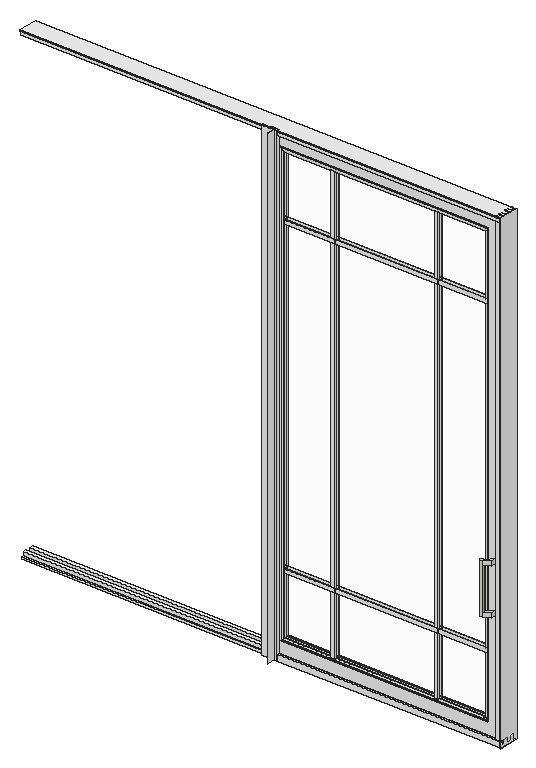
Revit family "Sliding_Glass-Pocket-PGT-Aluminum_Preferred-SGD770-Xd", category Doors, host Wall, Revit 2015
Parameters (values of type "Refer to Type Catalog")
  URL = "http://www.pgtindustries.com/"
  Type Comments = "Pocket"  # constant formula
  Track Depth = 4 55/64"  # constant formula
  Product Style Guide = "http://www.pgtindustries.com/pro-zone/architect/download?destination=node/97061"
  Product Page URL = "http://www.pgtindustries.com/product-overview/sliding-door-sgd770-winguard%C2%AE-aluminum-sliding-glass-door-clear-impact-resistant"
  Pocket Width = Glass Width + 12"  # 65 33/256"
  Plan Detail Offset = Finished Opening / 3  # 19.3776"
  Narrow Riser = yes
  Model = "SGD770 1P1T X"  # constant formula
  Minimum Panel Size = "21 1/2” x 32 5/8”"  # constant formula
  Medium Riser = no
  Maximum Panel Size = "4' x 10' OR 5' x 8'"  # constant formula
  Manufacturer = "PGT Industries"  # constant formula
  Low Riser = no
  High Riser = no
  Hardware Material = Steel AISI 4620
  Hardware Height = 36"
  Grid Type = Face_Based_Mullion_ Glass : BP9
  Grid Layout Note = "To edit the grid layout ensure the 'Grid' parameter is turned on and then select an option from the 'Grid Type' drop down.  Please refer to the 'Product Style Guide' for standard configurations and restrictions."  # constant formula
  Grid = yes
  Glass Width = Door Panel Width - 6 223/256"  # 53 33/256"
  Glass Thickness = 1"
  Function = Exterior
  Height = Door Panel Height + 1 111/128"  # 121 111/128"
  Wall Closure = By host
  Width = Finished Opening + Pocket Width  # 123 67/256"
  Flush Riser = yes
  Finished Opening = Door Panel Width - 1 111/128"  # 58 17/128"
  Finish = Metal - PGT - Paint - White
  Door Panel Width = 60"
  Door Panel Height = 120"
  Description = "Aluminum Preferred Siding Glass Door"  # constant formula
  Custom Design Note = "The types included show default grid/size configurations.  Please reference the 'Product Style Guide' to see all standard configurations and restrictions before creating custom designs.  Please contact PGT Industries with any questions regarding custom designs."  # constant formula
  Color Glass = Glass - PGT - Clear
  Box Riser = not(Narrow Riser)  # no
  Assembly Code = "B2030110"
  Analytic Construction = "<None>"
Reference planes (in)
  plane 1 "Center (Front/Back)": y = 0
  plane 2 "Center (Left/Right)": x = 9.38196
  plane 3 "Left": x = -18.29085
  plane 4 "Right": x = 39.84196
  plane 5 "Top": z = 121.86719
  plane 6 "Exterior": y = 3
  plane 7 "Interior": y = -3
  plane 8: x = 39.38196
  plane 9: z = 121.13119
  plane 10: x = -83.41976
  plane 11: x = -20.61804
  plane 12: y = -1.85937
  plane 13: y = 0.57031
  plane 14: y = 0.4668
  plane 15: y = -0.55123
  plane 16: x = -17.09714
  plane 17: x = 35.86106
  plane 18: z = 4.65208
  plane 19: z = 117.0061
  plane 20: x = 37.50696
  plane 21: y = 0.24982
  plane 22: y = -1.35228
  plane 23: z = 36
  plane 24: x = 20.00435
  plane 25: x = 18.12935
Forms (in)
  Extrusion 1, void
    sketch origin (0, 0, 0) x (1, 0, 0) y (0, 1, 0)
      loop
        line (-83.41976, 3) -> (-83.41976, -1.85937) -> (-18.29085, -1.85937) -> (-18.29085, -3) -> (39.84196, -3) -> (39.84196, 3) -> (-83.41976, 3)
    from 0 to 121.86719
  Sweep 2, solid, material "Metal - PGT - Paint - White" <- "Finish"
    path origin (-98.15385, 0.4668, 48) x (-1, 0, 0) y (0, 0, 1)
      loop
        line (-137.9958, -48) -> (-137.9958, 73.86719)
    profile "1P1T X Jamb : 1P1T XX Jamb" origin (39.84196, 0.4668, 60.93359) x (1, 0, 0) y (0, 1, 0)
      loop
        line (0, 2.53462) -> (-0.16084, 2.53462) -> (-0.16084, 2.40406) -> (-1.3602, 2.40406) -> (-1.3602, 2.32606) -> (-0.27452, 2.32606) -> (-0.27452, 1.43281) -> (-1.30945, 1.43281) -> (-1.30945, 0.60325) -> (-0.27452, 0.60325) -> (-0.27452, -0.60325) -> (-1.30945, -0.60325) -> (-1.30945, -1.43281) -> (-0.27452, -1.43281) -> (-0.27452, -2.32606) -> (-1.3602, -2.32606) -> (-1.3602, -2.40406) -> (-0.16084, -2.40406) -> (-0.16084, -2.53462) -> (0, -2.53462) -> (0, 2.53462)
  Sweep 3, solid, material "Metal - PGT - Paint - White" <- "Finish"
    path origin (-98.15385, 0.4668, 48) x (-1, 0, 0) y (0, 0, 1)
      loop
        line (-137.83496, 73.86719) -> (-14.73409, 73.86719)
    profile "1P1T X Sill : 1P1T X Sill" origin (-21.86932, 0.4668, 121.86719) x (0, 0, 1) y (0, 1, 0)
      loop
        line (0, 2.53462) -> (-0.16084, 2.53462) -> (-0.16084, 2.40406) -> (-1.21076, 2.40406) -> (-1.21076, 2.32606) -> (-0.27452, 2.32606) -> (-0.27452, 1.43281) -> (-1.17069, 1.43281) -> (-1.17069, 0.60325) -> (-0.27452, 0.60325) -> (-0.27452, -0.60325) -> (-1.17069, -0.60325) -> (-1.17069, -1.43281) -> (-0.27452, -1.43281) -> (-0.27452, -2.32606) -> (-1.21076, -2.32606) -> (-1.21076, -2.40406) -> (-0.16084, -2.40406) -> (-0.16084, -2.53462) -> (0, -2.53462) -> (0, 2.53462)
  Sweep 4, solid, material "Metal - PGT - Paint - White" <- "Finish"
    path origin (-98.15385, 0.4668, 48) x (-1, 0, 0) y (0, 0, 1)
      loop
        line (-79.86299, -48) -> (-137.9958, -48)
    profile "1P1T X Riser : 1P1T XX Jamb" origin (10.77555, 0.4668, 0) x (0, 0, -1) y (0, 1, 0)
      loop
        line (0, 1.92087) -> (-0.25746, 1.92087) -> (-0.25746, 1.43281) -> (-1.49653, 1.43281) -> (-1.49653, 0.60325) -> (-0.4801, 0.60325) -> (-0.51171, -0.60325) -> (-1.49653, -0.60325) -> (-1.49653, -1.43281) -> (-0.5332, -1.43281) -> (-0.55448, -2.25663) -> (-1.566, -2.25663) -> (-1.566, -2.488) -> (0, -2.488) -> (0, 1.92087)
  Sweep 5, solid, material "Metal - PGT - Paint - White" <- "Finish"
    path origin (-98.15385, 0.4668, 48) x (-1, 0, 0) y (0, 0, 1)
      loop
        line (-14.73409, -48) -> (-79.86299, -48)
    profile "1P1T : 1P1T XX Jamb" origin (-50.85531, 0.4668, 0) x (0, 0, -1) y (0, 1, 0)
      loop
        line (0, 1.92087) -> (-0.25746, 1.92087) -> (-0.25746, 1.43281) -> (-1.4986, 1.43281) -> (-1.4986, 0.60325) -> (-0.4801, 0.60325) -> (-0.51171, -0.60325) -> (-1.4986, -0.60325) -> (-1.4986, -1.43281) -> (-0.5332, -1.43281) -> (-0.54581, -1.92087) -> (0, -1.92087) -> (0, 1.92087)
  Sweep 6, solid, material "Metal - PGT - Paint - White" <- "Finish"
    path origin (-81.91976, -1.85937, 48) x (-1, 0, 0) y (0, 0, 1)
      loop
        line (-63.62891, -48) -> (-63.62891, 73.86719)
    profile "1P1T Center Clip : 1P1T Center Clip" origin (-18.29085, -1.85937, 60.93359) x (1, 0, 0) y (0, 1, 0)
      loop
        line (-3.10409, -0.21005) -> (0, -0.21005) -> (0, -2.21038) -> (0.06253, -2.21038) -> (0.06253, -0.21038) -> (0.69843, -0.21038) -> (0.69843, 0.41512) -> (-1.0837, 0.41512)
        arc (-1.0837, 0.41512) -> (-1.1035, 0.39684) -> (-1.08793, 0.37485) r 0.02042
        line (-1.08793, 0.37485) -> (-0.92067, 0.33497) -> (-0.2717, 0.33497) -> (-0.2717, 0.08543) -> (-3.10409, 0.08543) -> (-3.10409, -0.21005)
  Extrusion 7, void
    sketch origin (-98.15385, 0.4668, 48) x (-1, 0, 0) y (0, 0, 1)
      loop
        line (-137.83496, 73.70635) -> (-137.83496, 72.65643) -> (-136.6356, 72.65643) -> (-136.6356, 73.70635) -> (-137.83496, 73.70635)
    from -3.4668 to 2.5332
Cuts and joins
  joined: Sweep 4, Sweep 5
  Extrusion 7 cuts Sweep 2
Lines and regions (in)
  Masking region 1
    outline origin (0, 0, 0) x (1, 0, 0) y (0, 1, 0)
      loop
        line (-18.22832, -2.06975) -> (-17.59242, -2.06975) -> (-17.59242, -1.44426) -> (-19.37455, -1.44426)
        arc (-19.37455, -1.44426) -> (-19.39435, -1.46253) -> (-19.37878, -1.48453) r 0.02042
        line (-19.37878, -1.48453) -> (-19.21152, -1.5244) -> (-18.56255, -1.5244) -> (-18.56255, -1.77395) -> (-21.39494, -1.77395) -> (-21.39494, -2.06943) -> (-18.29085, -2.06943) -> (-18.29085, -4.06975) -> (-18.22832, -4.06975) -> (-18.22832, -2.06975)
  symbolic lines, detail levels medium+fine
    curve 1: line (-18.29085, -2.0212, 0) -> (39.84196, -2.0212, 0)
    curve 2: line (39.56744, -1.78983, 0) -> (-17.59242, -1.78983, 0)
    curve 3: line (-83.41976, -1.45407, 0) -> (-18.29085, -1.45407, 0)
    curve 4: line (39.84196, -1.73194, 0) -> (39.84196, -2.0212, 0)
    curve 5: line (-18.29085, -2.0212, 0) -> (-18.29085, -1.78983, 0)
Text (in)
  text "Exterior" at (-74.96733, 27.31104, 0), in view "Ref. Level"
  text "Interior" at (-74.96733, -25.14366, 0), in view "Ref. Level"
  text "Exterior" at (0, 40.15149, 123.01588), in view "Right"
  text "Interior" at (0, -64.39139, 123.01588), in view "Right"
  text "Interior" at (0, -31.01599, 123.00693), in view "Left"
  text "Exterior" at (0, 54.57065, 123.00693), in view "Left"
Dimensions and locks (in)
  "Height": level to plane 5 "Top"
  plane 3 "Left" to plane 4 "Right" = 58 17/128"
  locked: plane 8 to plane 4 "Right" at 0.46
  equal spacing: plane 11, plane 2 "Center (Left/Right)", plane 8
  "Pocket Width": plane 10 to plane 3 "Left"
  "Finished Opening": plane 3 "Left" to plane 4 "Right"
  "Door Panel Width": plane 11 to plane 8
  locked: plane 13 to plane 14 at 0.10352
  locked: plane 5 "Top" to plane 9 at 0.736
  locked: plane 13 to plane 15 at 1.12155
  locked: plane 7 "Interior" to plane 12 at 1.14062
  locked: plane 13 to plane 12 at 2.42969
  Extrusion 7 sketch curve to Extrusion 7 sketch curve to plane 4 "Right" = 1.19936" locked, 0.16084" locked
  plane 5 "Top" to Extrusion 7 sketch curve to Extrusion 7 sketch curve = 0.16084" locked, 1.04992" locked
  Extrusion 7 to Extrusion 7 to plane 4 "Right" = 1.19936" locked, 0.16084" locked
  locked: Sweep 3 sketch curve to plane 4 "Right" at 0.16084
  locked: plane 11 to plane 16 at 3.5209
  locked: plane 17 to plane 8 at 3.5209
  locked: plane 18 to level at 4.65208
  locked: plane 5 "Top" to plane 19 at 4.86109
  locked: plane 20 to plane 8 at 1.875
  equal spacing: plane 21, plane 15, plane 22
  locked: plane 21 to plane 22 at 1.6021
  "Hardware Height": plane 23 to level
  "Plan Detail Offset": plane 24 to plane 8
  locked: plane 25 to plane 24 at 1.875
  aligned and locked: plane 6 "Exterior" to host wall
  aligned and locked: plane 7 "Interior" to host wall
  aligned and locked: Extrusion 1 to plane 5 "Top"
  aligned and locked: plane 12 to Extrusion 1 sketch curve
  aligned and locked: plane 4 "Right" to Sweep 2 sketch curve
  aligned and locked: plane 5 "Top" to Sweep 2 sketch curve
  aligned and locked: level to Sweep 2 sketch curve
  aligned and locked: plane 5 "Top" to Sweep 3 sketch curve
  aligned and locked: Sweep 3 sketch curve to plane 10
  aligned and locked: level to Sweep 4 sketch curve
  aligned and locked: plane 4 "Right" to Sweep 4 sketch curve
  aligned and locked: plane 3 "Left" to Sweep 4 sketch curve
  aligned and locked: level to Sweep 5 sketch curve
  aligned and locked: plane 10 to Sweep 5 sketch curve
  aligned and locked: plane 3 "Left" to Sweep 5 sketch curve
  aligned and locked: nested 1 to plane 15
  aligned and locked: plane 2 "Center (Left/Right)" to nested 1
  aligned and locked: nested 1 to plane 9
  aligned and locked: plane 3 "Left" to Sweep 6 sketch curve
  aligned and locked: plane 5 "Top" to Sweep 6 sketch curve
  aligned and locked: level to Sweep 6 sketch curve
  aligned and locked: plane 7 "Interior" to Extrusion 7
  aligned and locked: Extrusion 7 to plane 6 "Exterior"
  aligned and locked: plane 19 to nested 2
  aligned and locked: plane 18 to nested 2
  aligned and locked: nested 2 to plane 17
  aligned and locked: nested 2 to plane 16
  aligned and locked: plane 20 to nested 4
  aligned and locked: nested 3 to plane 20
  aligned and locked: nested 4 to plane 21
  aligned and locked: nested 3 to plane 22
  aligned and locked: plane 23 to nested 3
  aligned and locked: nested 4 to plane 23
  aligned and locked: plane 4 "Right" to nested 5
  aligned and locked: nested 5 to plane 14
  aligned and locked: cut or joined group of Sweep 4, Sweep 5 to curve 1
  aligned and locked: cut or joined group of Sweep 4, Sweep 5 to curve 2
  aligned and locked: Masking region 1 sketch curve to Sweep 6  (x12)
  aligned and locked: nested 6 to plane 24
  aligned and locked: plane 15 to nested 6
  aligned and locked: curve 3 to cut or joined group of Sweep 4, Sweep 5
  aligned and locked: nested 8 to plane 25
  aligned and locked: plane 25 to nested 7
  aligned and locked: nested 8 to plane 21
  aligned and locked: nested 7 to plane 22
Automatic sketch dimensions
  Extrusion 1 sketch curve to host wall = 0"
  Extrusion 1 sketch curve to plane 10 = 0"
  host wall to Extrusion 1 sketch curve = 0"
  Extrusion 1 sketch curve to plane 3 "Left" = 0"
  Extrusion 1 sketch curve to plane 4 "Right" = 0"
  Masking region 1 sketch curve to plane 22 = 0.13224"
  Masking region 1 sketch curve to Masking region 1 sketch curve = 0.16726"
  curve 3 to plane 10 = 0"
  curve 5 to plane 3 "Left" = 0"
  curve 3 to plane 3 "Left" = 0"
  curve 1 to plane 4 "Right" = 0"
  curve 2 to plane 16 = 0.49528"
  curve 2 to plane 8 = 0.18548"
  plane 12 to curve 5 = 0.06955"
  plane 12 to curve 4 = 0.12743"
Nested families (in)
  nested 1: "SGD Door Panel" at (9.38196, -0.55123, 1.13119), type "Door Panel"
    with Int Clip yes, Ext Clip no, Door Pull yes, Width 60", Height 120", Glass Width 53.128"
  nested 2: "Face_Based_Mullion_ Glass" at (9.38196, -0.06023, 60.82909) x (-1, 0, 0) z (0, 1, 0), type <- "Grid Type", visible <- "Grid", type "BP9"
    with Width 52.95821", Height 112.35402", BP Offset LR 13.23955", BP Offset 16.05057"
  nested 3: "Handle" at (37.50696, -1.35228, -6), type "Interior"
  nested 4: "Handle" at (37.50696, 0.24982, -6), type "Interior"
  nested 5: "SGD 1P1T Jamb Detail" at (-21.7889, 0.4668, 0), type "SGD 1P1T Jamb Detail"
  nested 6: "SGD Door Panel Detail" at (-9.99565, -0.55123, 0) x (-1, 0, 0) z (0, 0, 1), type "SGD Door Panel Detail"
    with Right Clip yes, Left Clip no, Panel Width 60"
  nested 7: "Handle Detail Only" at (18.12935, -1.35228, 0), type "Handle Detail Only"
  nested 8: "Handle Detail Only" at (18.12935, 0.24982, 0), type "Handle Detail Only"
Definition of nested family "SGD Door Panel"
  Parameters (values of type "Door Panel")
    Width = 24"
    Int Clip [instance] = yes
    Height = 84"
    Hardware = none
    Glazing = none
    Glass Width = Width - (3.436" * 2)  # 17.128"
    Glass Thickness Constraint = if(Glass Thickness > 1", 1", Glass Thickness)  # 1"
    Glass Thickness = 1"
    Frame Interior = none
    Frame Exterior = none
    Frame End = none
    Ext Clip [instance] = not(Int Clip)  # no
    Door Pull [instance] = yes
  Reference planes (in)
    plane 1 "Center (Front/Back)": y = 0
    plane 2: z = 0
    plane 3 "Center (Left/Right)": x = 0
    plane 4: z = 84
    plane 5: z = 3.437
    plane 6: x = -12
    plane 7: x = 12
    plane 8: x = -8.564
    plane 9: x = 8.564
    plane 10: z = 80.563
    plane 11: z = 36
    plane 12: y = 0.50891
    plane 13: y = -0.49109
    plane 14: y = -0.509
    plane 15: y = 0.491
  Forms (in)
    Sweep 1, solid, material <- "Frame Exterior"
      path origin (0, 0, 0) x (1, 0, 0) y (0, 0, 1)
        loop
          line (-12, 84) -> (-12, 0) -> (12, 0) -> (12, 84) -> (-12, 84)
      profile origin (-12, 0, 42) x (0, -1, 0) y (1, 0, 0)
        loop
          line (0.80105, 3.1174) -> (0.64756, 3.2709) -> (0.64756, 3.5209) -> (0.58117, 4.12509) -> (0.50891, 4.12509) -> (0.50891, 3.24793) -> (-0.60328, 3.24793) -> (-0.60328, 4.07864) -> (-0.491, 4.07864) -> (-0.491, 4.12247) -> (-0.64756, 4.12247) -> (-0.64756, 3.13493) -> (-0.80105, 2.98144) -> (-0.80105, 0.22695) -> (-0.5741, 0) -> (0.5741, 0) -> (0.80105, 0.22695) -> (0.80105, 3.1174)
    Extrusion 2, solid, material <- "Glazing"
      sketch origin (0, 0, 0) x (1, 0, 0) y (0, 1, 0)
        loop
          line (-8.564, -0.509) -> (8.564, -0.509) -> (8.564, 0.491) -> (-8.564, 0.491) -> (-8.564, -0.509)
      from 3.437 to 80.563
    Extrusion 3, solid, material <- "Frame Interior", visible <- "Int Clip"
      sketch origin (0, 0, 0) x (1, 0, 0) y (0, 1, 0)
        loop
          line (-12, -0.5741) -> (-12, -1.00249) -> (-11.86351, -1.13897) -> (-10.12946, -1.13897)
          arc (-10.12946, -1.13897) -> (-10.11249, -1.12037) -> (-10.12665, -1.09954) r 0.02032
          line (-10.12665, -1.09954) -> (-10.29591, -1.05896) -> (-10.89335, -1.05896) -> (-10.98722, -0.80105) -> (-11.77305, -0.80105) -> (-12, -0.5741)
      from 0 to 84
    Extrusion 4, solid, material <- "Frame Exterior", visible <- "Ext Clip"
      sketch origin (0, 0, 0) x (-1, 0, 0) y (0, -1, 0)
        loop
          line (-12, -0.5741) -> (-12, -1.00249) -> (-11.86351, -1.13897) -> (-10.12946, -1.13897)
          arc (-10.12946, -1.13897) -> (-10.11249, -1.12037) -> (-10.12665, -1.09954) r 0.02032
          line (-10.12665, -1.09954) -> (-10.29591, -1.05896) -> (-10.89335, -1.05896) -> (-10.98722, -0.80105) -> (-11.77305, -0.80105) -> (-12, -0.5741)
      from 0 to 84
  Dimensions and locks (in)
    "Height": plane 4 to level
    locked: plane 5 to level at 3.437
    locked: plane 4 to plane 10 at 3.437
    plane 11 to level = 36"
    locked: plane 6 to plane 8 at 3.436
    locked: plane 9 to plane 7 at 3.436
    equal spacing: plane 8, plane 3 "Center (Left/Right)", plane 9
    "Width": plane 6 to plane 7
    locked: plane 14 to plane 1 "Center (Front/Back)" at 0.509
    "Glass Thickness Constraint": plane 15 to plane 14
    Sweep 1 sketch curve to Sweep 1 sketch curve to Sweep 1 sketch curve to Sweep 1 sketch curve to Sweep 1 sketch curve to profile plane to Sweep 1 sketch curve to Sweep 1 sketch curve to Sweep 1 sketch curve to Sweep 1 sketch curve = 0.15349" locked, 17/256" locked, 0.00707" locked, 0.06519" locked, 0.50891" locked, 0.5741" locked, 0.02918" locked, 0.04427" locked, 0.15349" locked
    profile plane to Sweep 1 sketch curve to Sweep 1 sketch curve to Sweep 1 sketch curve to Sweep 1 sketch curve to Sweep 1 sketch curve to Sweep 1 sketch curve to Sweep 1 sketch curve to Sweep 1 sketch curve to Sweep 1 sketch curve to Sweep 1 sketch curve to Sweep 1 sketch curve to Sweep 1 sketch curve = 0" locked, 0.22695" locked, 0" locked, 2.75449" locked, 0.13597" locked, 0.01753" locked, 0.113" locked, 0.02297" locked, 1/4" locked, 0.55774" locked, 0.04384" locked, 0.00261" locked
    plane 6 to Extrusion 3 sketch curve to Extrusion 3 sketch curve to Extrusion 3 sketch curve to Extrusion 3 sketch curve to Extrusion 3 sketch curve to Extrusion 3 sketch curve to Extrusion 3 sketch curve to Extrusion 3 sketch curve = 0" locked, 0.13649" locked, 0.09046" locked, 0.78583" locked, 0.09387" locked, 0.59745" locked, 0.16645" locked, 0.00281" locked
    Extrusion 3 sketch curve to Extrusion 3 sketch curve to Extrusion 3 sketch curve to Extrusion 3 sketch curve to Extrusion 3 sketch curve to Extrusion 3 sketch curve to plane 1 "Center (Front/Back)" = 0.03943" locked, 0.04059" locked, 0.05647" locked, 0.20144" locked, 0.22695" locked, 0.5741" locked
    Extrusion 4 sketch curve to Extrusion 4 sketch curve to Extrusion 4 sketch curve to Extrusion 4 sketch curve to Extrusion 4 sketch curve to Extrusion 4 sketch curve to Extrusion 4 sketch curve to plane 7 to Extrusion 4 sketch curve = 0.00281" locked, 0.16645" locked, 0.59745" locked, 0.09387" locked, 0.78583" locked, 0.09046" locked, 0.13649" locked, 0" locked
    plane 1 "Center (Front/Back)" to Extrusion 4 sketch curve to Extrusion 4 sketch curve to Extrusion 4 sketch curve to Extrusion 4 sketch curve to Extrusion 4 sketch curve to Extrusion 4 sketch curve = 0.5741" locked, 0.22695" locked, 0.20144" locked, 0.05647" locked, 0.04059" locked, 0.03943" locked
    aligned and locked: plane 2 to level
    aligned and locked: Sweep 1 sketch curve to plane 6
    aligned and locked: Sweep 1 sketch curve to plane 4
    aligned and locked: Sweep 1 sketch curve to plane 7
    aligned and locked: Sweep 1 sketch curve to level
    aligned and locked: Extrusion 2 sketch curve to plane 8
    aligned and locked: Extrusion 2 sketch curve to plane 9
    aligned and locked: Extrusion 2 to plane 10
    aligned and locked: Extrusion 2 to plane 5
    aligned and locked: Extrusion 2 sketch curve to plane 14
    aligned and locked: Extrusion 2 sketch curve to plane 15
    aligned and locked: Sweep 1 sketch curve to plane 15
    aligned and locked: plane 4 to Extrusion 3
    aligned and locked: Extrusion 3 to level
    aligned and locked: plane 4 to Extrusion 4
    aligned and locked: Extrusion 4 to level
  Automatic sketch dimensions
    Extrusion 3 sketch curve to Extrusion 3 sketch curve = 0.00331"
    Extrusion 4 sketch curve to Extrusion 4 sketch curve = 0.00331"
Definition of nested family "Face_Based_Mullion_ Glass"
  Parameters (values of type "3C8R")
    Width [instance] = 40"
    Mullion Interior = none
    Mullion = none
    Height [instance] = 60"
    Glass Thickness = 1"
    Default Elevation = 48"
    BP Offset LR [instance] = Width / 4  # 10"
    BP Offset [instance] = Height / 7  # 8.57143"
    BPT = no
    BPR = no
    BPL = no
    BPB = no
    8R = yes
    7R = no
    6R = no
    5R = no
    4R = no
    4C = no
    3R = no
    3C = yes
    2R = no
    2C = no
  Types (12): name | Width | Height | BP Offset LR | BP Offset | BPT | BPR | BPL | BPB | 8R | 7R | 6R | 5R | 4C | 3C | 2C
    2C5R | 10" | 90" | 2 1/2" | 12.85714" | no | no | no | no | no | no | yes | no | no | no | yes
    3C6R | 60" | 60" | 15" | 8.57143" | no | no | no | no | no | no | yes | no | no | yes | no
    3C5R | 60" | 60" | 15" | 8.57143" | no | no | no | no | no | no | no | yes | no | yes | no
    2C6R | 40" | 90" | 10" | 12.85714" | no | no | no | no | no | no | yes | no | no | no | yes
    2C7R | 60" | 60" | 15" | 8.57143" | no | no | no | no | no | yes | no | no | no | no | yes
    3C7R | 60" | 60" | 15" | 8.57143" | no | no | no | no | no | yes | no | no | no | yes | no
    4C5R | 60" | 60" | 15" | 8.57143" | no | no | no | no | no | no | no | yes | yes | no | no
    4C6R | 60" | 60" | 15" | 8.57143" | no | no | no | no | no | no | yes | no | yes | no | no
    BP9 | 60" | 60" | 15" | 8.57143" | yes | yes | yes | yes | no | no | no | no | no | no | no
    2C8R | 60" | 60" | 15" | 8.57143" | no | no | no | no | yes | no | no | no | no | no | yes
    3C8R | 40" | 60" | 10" | 8.57143" | no | no | no | no | yes | no | no | no | no | yes | no
    4C7R | 60" | 60" | 15" | 8.57143" | no | no | no | no | no | yes | no | no | yes | no | no
  Reference planes (in)
    plane 1 "Center (Front/Back)": y = 0
    plane 2: z = 0
    plane 3 "Center (Left/Right)": x = 0
    plane 4: x = -20
    plane 5: x = 20
    plane 6: y = 30
    plane 7: y = -30
    plane 8: y = 10
    plane 9: y = -10
    plane 10: y = 20
    plane 11: y = -20
    plane 12: x = -6.66667
    plane 13: x = 6.66667
    plane 14: y = 15
    plane 15: y = -15
    plane 16: y = 18
    plane 17: y = 6
    plane 18: y = -6
    plane 19: y = -18
    plane 20: y = -21.42857
    plane 21: y = -12.85714
    plane 22: y = -4.28571
    plane 23: y = 21.42857
    plane 24: y = 12.85714
    plane 25: y = 4.28571
    plane 26: x = -10
    plane 27: x = 10
    plane 28: y = 21.42857
    plane 29: y = -21.42857
    plane 30: x = -10
    plane 31: x = 10
    plane 32: y = 22.5
    plane 33: y = 15
    plane 34: y = 7.5
    plane 35: y = 0
    plane 36: y = -7.5
    plane 37: y = -15
    plane 38: y = -22.5
  Forms (in)
    Extrusion 1, solid
      sketch origin (0, 0, 0) x (1, 0, 0) y (0, 1, 0)
        loop
          line (-48, 48) -> (-48, -48) -> (48, -48) -> (48, 48) -> (-48, 48)
      from 0 to -12
  Lines and regions (in)
    model lines, visible <- "5R", detail levels coarse
      curve 1: line (-20, -18, 0) -> (20, -18, 0)
      curve 2: line (20, -6, 0) -> (-20, -6, 0)
      curve 3: line (20, 6, 0) -> (-20, 6, 0)
      curve 4: line (20, 18, 0) -> (-20, 18, 0)
    model lines, visible <- "2C", detail levels coarse
      curve 5: line (0, 30, 0) -> (0, -30, 0)
    model lines, visible <- "3C", detail levels coarse
      curve 6: line (-6.66667, 30, 0) -> (-6.66667, -30, 0)
      curve 7: line (6.66667, 30, 0) -> (6.66667, -30, 0)
    model lines, visible <- "6R", detail levels coarse
      curve 8: line (-20, 20, 0) -> (20, 20, 0)
      curve 9: line (-20, 10, 0) -> (20, 10, 0)
      curve 10: line (-20, 0, 0) -> (20, 0, 0)
      curve 11: line (-20, -10, 0) -> (20, -10, 0)
      curve 12: line (-20, -20, 0) -> (20, -20, 0)
    model lines, visible <- "4R", detail levels coarse
      curve 13: line (20, 15, 0) -> (-20, 15, 0)
      curve 14: line (20, 0, 0) -> (-20, 0, 0)
      curve 15: line (20, -15, 0) -> (-20, -15, 0)
    model lines, visible <- "7R", detail levels coarse
      curve 16: line (-20, 21.42857, 0) -> (20, 21.42857, 0)
      curve 17: line (20, 12.85714, 0) -> (-20, 12.85714, 0)
      curve 18: line (20, 4.28571, 0) -> (-20, 4.28571, 0)
      curve 19: line (20, -4.28571, 0) -> (-20, -4.28571, 0)
      curve 20: line (20, -12.85714, 0) -> (-20, -12.85714, 0)
      curve 21: line (20, -21.42857, 0) -> (-20, -21.42857, 0)
    model lines, visible <- "BPL", detail levels coarse
      curve 22: line (-10, 30, 0) -> (-10, -30, 0)
    model lines, visible <- "BPR", detail levels coarse
      curve 23: line (10, 30, 0) -> (10, -30, 0)
    model lines, visible <- "2R", detail levels coarse
      curve 24: line (-20, 0, 0) -> (20, 0, 0)
    model lines, visible <- "3R", detail levels coarse
      curve 25: line (-20, 10, 0) -> (20, 10, 0)
      curve 26: line (-20, -10, 0) -> (20, -10, 0)
    model lines, visible <- "BPB", detail levels coarse
      curve 27: line (-20, -21.42857, 0) -> (20, -21.42857, 0)
    model lines, visible <- "BPT", detail levels coarse
      curve 28: line (-20, 21.42857, 0) -> (20, 21.42857, 0)
    model lines, visible <- "4C", detail levels coarse
      curve 29: line (-10, 30, 0) -> (-10, -30, 0)
      curve 30: line (10, 30, 0) -> (10, -30, 0)
      curve 31: line (0, 30, 0) -> (0, -30, 0)
    model lines, visible <- "8R", detail levels coarse
      curve 32: line (-20, 22.5, 0) -> (20, 22.5, 0)
      curve 33: line (-20, 15, 0) -> (20, 15, 0)
      curve 34: line (-20, 7.5, 0) -> (20, 7.5, 0)
      curve 35: line (-20, 0, 0) -> (20, 0, 0)
      curve 36: line (-20, -7.5, 0) -> (20, -7.5, 0)
      curve 37: line (-20, -15, 0) -> (20, -15, 0)
      curve 38: line (-20, -22.5, 0) -> (20, -22.5, 0)
  Dimensions and locks (in)
    equal spacing: plane 6, plane 10, plane 8, plane 1 "Center (Front/Back)", plane 9, plane 11, plane 7
    equal spacing: plane 6, plane 14, plane 1 "Center (Front/Back)"
    equal spacing: plane 7, plane 15, plane 1 "Center (Front/Back)"
    equal spacing: plane 6, plane 16, plane 17, plane 18, plane 19, plane 7
    "Width": plane 4 to plane 5
    "Height": plane 6 to plane 7
    equal spacing: plane 6, plane 23, plane 24, plane 25, plane 22, plane 21, plane 20, plane 7
    "BP Offset": plane 7 to plane 29
    "BP Offset": plane 6 to plane 28
    equal spacing: plane 4, plane 12, plane 13, plane 5
    "BP Offset LR": plane 4 to plane 26
    "BP Offset LR": plane 27 to plane 5
    equal spacing: plane 4, plane 30, plane 3 "Center (Left/Right)", plane 31, plane 5
    equal spacing: plane 6, plane 32, plane 33, plane 34, plane 35, plane 36, plane 37, plane 38, plane 7
    aligned and locked: plane 2 to Extrusion 1
    aligned and locked: level to Extrusion 1
    aligned and locked: plane 4 to curve 1
    aligned and locked: curve 1 to plane 19
    aligned and locked: plane 18 to curve 2
    aligned and locked: plane 5 to curve 3
    aligned and locked: plane 17 to curve 3
    aligned and locked: plane 5 to curve 4
    aligned and locked: plane 16 to curve 4
    aligned and locked: plane 6 to curve 5
    aligned and locked: curve 5 to plane 3 "Center (Left/Right)"
    aligned and locked: plane 13 to curve 7
    aligned and locked: plane 4 to curve 8
    aligned and locked: curve 8 to plane 10
    aligned and locked: plane 4 to curve 9
    aligned and locked: curve 9 to plane 8
    aligned and locked: plane 4 to curve 10
    aligned and locked: plane 1 "Center (Front/Back)" to curve 10
    aligned and locked: plane 4 to curve 11
    aligned and locked: curve 11 to plane 9
    aligned and locked: plane 4 to curve 12
    aligned and locked: curve 12 to plane 11
    aligned and locked: plane 5 to curve 13
    aligned and locked: curve 13 to plane 14
    aligned and locked: plane 5 to curve 14
    aligned and locked: curve 14 to plane 1 "Center (Front/Back)"
    aligned and locked: plane 5 to curve 15
    aligned and locked: plane 15 to curve 15
    aligned and locked: plane 4 to curve 16
    aligned and locked: curve 16 to plane 23
    aligned and locked: plane 5 to curve 17
    aligned and locked: plane 24 to curve 17
    aligned and locked: plane 5 to curve 18
    aligned and locked: plane 25 to curve 18
    aligned and locked: plane 5 to curve 19
    aligned and locked: plane 22 to curve 19
    aligned and locked: plane 5 to curve 20
    aligned and locked: plane 21 to curve 20
    aligned and locked: plane 5 to curve 21
    aligned and locked: plane 20 to curve 21
    aligned and locked: plane 6 to curve 22
    aligned and locked: curve 22 to plane 26
    aligned and locked: plane 6 to curve 23
    aligned and locked: curve 23 to plane 27
    aligned and locked: plane 4 to curve 24
    aligned and locked: plane 1 "Center (Front/Back)" to curve 24
    aligned and locked: plane 4 to curve 25
    aligned and locked: curve 25 to plane 8
    aligned and locked: plane 4 to curve 26
    aligned and locked: curve 26 to plane 9
    aligned and locked: plane 4 to curve 27
    aligned and locked: plane 29 to curve 27
    aligned and locked: plane 4 to curve 28
    aligned and locked: plane 5 to curve 28
    aligned and locked: curve 28 to plane 28
    aligned and locked: nested 2 to plane 1 "Center (Front/Back)"
    aligned and locked: plane 3 "Center (Left/Right)" to nested 1
    aligned and locked: plane 8 to nested 4
    aligned and locked: plane 9 to nested 3
    aligned and locked: plane 12 to nested 5
    aligned and locked: nested 6 to plane 13
    aligned and locked: plane 1 "Center (Front/Back)" to nested 5
    aligned and locked: plane 1 "Center (Front/Back)" to nested 6
    aligned and locked: nested 7 to plane 14
    aligned and locked: nested 8 to plane 1 "Center (Front/Back)"
    aligned and locked: plane 15 to nested 9
    aligned and locked: plane 19 to nested 13
    aligned and locked: plane 18 to nested 12
    aligned and locked: plane 17 to nested 11
    aligned and locked: plane 16 to nested 10
    aligned and locked: plane 10 to nested 18
    aligned and locked: plane 8 to nested 17
    aligned and locked: nested 16 to plane 1 "Center (Front/Back)"
    aligned and locked: plane 9 to nested 15
    aligned and locked: plane 11 to nested 14
    aligned and locked: plane 23 to nested 23
    aligned and locked: plane 24 to nested 22
    aligned and locked: plane 25 to nested 21
    aligned and locked: plane 21 to nested 20
    aligned and locked: plane 20 to nested 19
    aligned and locked: plane 22 to nested 24
    aligned and locked: plane 28 to nested 27
    aligned and locked: plane 27 to nested 26
    aligned and locked: plane 26 to nested 25
    aligned and locked: plane 1 "Center (Front/Back)" to nested 26
    aligned and locked: plane 1 "Center (Front/Back)" to nested 25
    aligned and locked: nested 28 to plane 29
    aligned and locked: curve 29 to plane 30
    aligned and locked: plane 6 to curve 29
    aligned and locked: plane 7 to curve 29
    aligned and locked: plane 6 to curve 30
    aligned and locked: curve 30 to plane 31
    aligned and locked: plane 30 to nested 30
    aligned and locked: plane 31 to nested 29
    aligned and locked: plane 1 "Center (Front/Back)" to nested 30
    aligned and locked: plane 1 "Center (Front/Back)" to nested 29
    aligned and locked: plane 6 to curve 31
    aligned and locked: curve 31 to plane 3 "Center (Left/Right)"
    aligned and locked: plane 3 "Center (Left/Right)" to nested 31
    aligned and locked: plane 1 "Center (Front/Back)" to nested 31
    aligned and locked: plane 6 to nested 31
    aligned and locked: plane 7 to nested 31
    aligned and locked: nested 28 to plane 4
    aligned and locked: nested 19 to plane 4
    aligned and locked: nested 14 to plane 4
    aligned and locked: nested 13 to plane 4
    aligned and locked: nested 9 to plane 4
    aligned and locked: nested 20 to plane 4
    aligned and locked: nested 15 to plane 4
    aligned and locked: nested 3 to plane 4
    aligned and locked: nested 16 to plane 4
    aligned and locked: nested 8 to plane 4
    aligned and locked: nested 2 to plane 4
    aligned and locked: nested 23 to plane 4
    aligned and locked: nested 18 to plane 4
    aligned and locked: nested 10 to plane 4
    aligned and locked: nested 7 to plane 4
    aligned and locked: nested 22 to plane 4
    aligned and locked: nested 4 to plane 4
    aligned and locked: nested 17 to plane 4
    aligned and locked: nested 27 to plane 4
    aligned and locked: nested 11 to plane 4
    aligned and locked: nested 21 to plane 4
    aligned and locked: nested 24 to plane 4
    aligned and locked: nested 12 to plane 4
    aligned and locked: plane 32 to nested 32
    aligned and locked: nested 32 to plane 5
    aligned and locked: plane 33 to nested 33
    aligned and locked: plane 34 to nested 34
    aligned and locked: plane 35 to nested 35
    aligned and locked: plane 36 to nested 36
    aligned and locked: plane 37 to nested 37
    aligned and locked: plane 38 to nested 38
    aligned and locked: nested 38 to plane 5
    aligned and locked: nested 37 to plane 5
    aligned and locked: nested 36 to plane 5
    aligned and locked: nested 35 to plane 5
    aligned and locked: nested 34 to plane 5
    aligned and locked: nested 33 to plane 5
  Automatic sketch dimensions
    Extrusion 1 sketch curve to Extrusion 1 sketch curve = 96"  (x2)
    curve 37 to plane 4 = 0"
    curve 36 to plane 4 = 0"
    curve 2 to plane 4 = 0"
    curve 3 to plane 4 = 0"
    curve 34 to plane 4 = 0"
    curve 4 to plane 4 = 0"
    curve 33 to plane 4 = 0"
    curve 32 to plane 4 = 0"
    curve 21 to plane 4 = 0"
    curve 20 to plane 4 = 0"
    curve 19 to plane 4 = 0"
    curve 18 to plane 4 = 0"
    curve 17 to plane 4 = 0"
    curve 14 to plane 4 = 0"
    curve 38 to plane 4 = 0"
    curve 6 to plane 7 = 0"
    curve 6 to plane 12 = 0"
    curve 8 to plane 5 = 0"
    curve 24 to plane 5 = 0"
    curve 9 to plane 5 = 0"
    curve 25 to plane 5 = 0"
    curve 26 to plane 5 = 0"
    curve 27 to plane 5 = 0"
    curve 16 to plane 5 = 0"
    curve 12 to plane 5 = 0"
    curve 10 to plane 5 = 0"
    curve 11 to plane 5 = 0"
    curve 32 to plane 5 = 0"
    curve 34 to plane 5 = 0"
    curve 2 to plane 5 = 0"
    curve 36 to plane 5 = 0"
    curve 1 to plane 5 = 0"
    curve 38 to plane 5 = 0"
    curve 5 to plane 7 = 0"
    curve 7 to plane 7 = 0"
    curve 22 to plane 7 = 0"
    curve 31 to plane 7 = 0"
    curve 30 to plane 7 = 0"
    curve 23 to plane 7 = 0"
    curve 38 to plane 38 = 0"
    curve 36 to plane 36 = 0"
    curve 34 to plane 34 = 0"
    curve 32 to plane 32 = 0"
    curve 6 to plane 6 = 0"
    curve 7 to plane 6 = 0"
  Nested families (in)
    nested 1: "Mullion 1 Inch Spacing" at (0, 0, 0), visible <- "2C", Length <- "Height", type "Mullion", detail levels medium+fine
      with Length 60"
    nested 2: "Mullion 1 Inch Spacing" at (0, 0, 0) x (0, 1, 0) z (0, 0, 1), visible <- "2R", Length <- "Width", type "Mullion", detail levels medium+fine
      with Length 40"
    nested 3: "Mullion 1 Inch Spacing" at (0, -10, 0) x (0, 1, 0) z (0, 0, 1), visible <- "3R", Length <- "Width", type "Mullion", detail levels medium+fine
      with Length 40"
    nested 4: "Mullion 1 Inch Spacing" at (0, 10, 0) x (0, 1, 0) z (0, 0, 1), visible <- "3R", Length <- "Width", type "Mullion", detail levels medium+fine
      with Length 40"
    nested 5: "Mullion 1 Inch Spacing" at (-6.66667, 0, 0), visible <- "3C", Length <- "Height", type "Mullion", detail levels medium+fine
      with Length 60"
    nested 6: "Mullion 1 Inch Spacing" at (6.66667, 0, 0), visible <- "3C", Length <- "Height", type "Mullion", detail levels medium+fine
      with Length 60"
    nested 7: "Mullion 1 Inch Spacing" at (0, 15, 0) x (0, 1, 0) z (0, 0, 1), visible <- "4R", Length <- "Width", type "Mullion", detail levels medium+fine
      with Length 40"
    nested 8: "Mullion 1 Inch Spacing" at (0, 0, 0) x (0, 1, 0) z (0, 0, 1), visible <- "4R", Length <- "Width", type "Mullion", detail levels medium+fine
      with Length 40"
    nested 9: "Mullion 1 Inch Spacing" at (0, -15, 0) x (0, 1, 0) z (0, 0, 1), visible <- "4R", Length <- "Width", type "Mullion", detail levels medium+fine
      with Length 40"
    nested 10: "Mullion 1 Inch Spacing" at (0, 18, 0) x (0, 1, 0) z (0, 0, 1), Length <- "Width", visible <- "5R", type "Mullion", detail levels medium+fine
      with Length 40"
    nested 11: "Mullion 1 Inch Spacing" at (0, 6, 0) x (0, 1, 0) z (0, 0, 1), Length <- "Width", visible <- "5R", type "Mullion", detail levels medium+fine
      with Length 40"
    nested 12: "Mullion 1 Inch Spacing" at (0, -6, 0) x (0, 1, 0) z (0, 0, 1), Length <- "Width", visible <- "5R", type "Mullion", detail levels medium+fine
      with Length 40"
    nested 13: "Mullion 1 Inch Spacing" at (0, -18, 0) x (0, 1, 0) z (0, 0, 1), Length <- "Width", visible <- "5R", type "Mullion", detail levels medium+fine
      with Length 40"
    nested 14: "Mullion 1 Inch Spacing" at (0, -20, 0) x (0, 1, 0) z (0, 0, 1), visible <- "6R", Length <- "Width", type "Mullion", detail levels medium+fine
      with Length 40"
    nested 15: "Mullion 1 Inch Spacing" at (0, -10, 0) x (0, 1, 0) z (0, 0, 1), visible <- "6R", Length <- "Width", type "Mullion", detail levels medium+fine
      with Length 40"
    nested 16: "Mullion 1 Inch Spacing" at (0, 0, 0) x (0, 1, 0) z (0, 0, 1), visible <- "6R", Length <- "Width", type "Mullion", detail levels medium+fine
      with Length 40"
    nested 17: "Mullion 1 Inch Spacing" at (0, 10, 0) x (0, 1, 0) z (0, 0, 1), visible <- "6R", Length <- "Width", type "Mullion", detail levels medium+fine
      with Length 40"
    nested 18: "Mullion 1 Inch Spacing" at (0, 20, 0) x (0, 1, 0) z (0, 0, 1), visible <- "6R", Length <- "Width", type "Mullion", detail levels medium+fine
      with Length 40"
    nested 19: "Mullion 1 Inch Spacing" at (0, -21.42857, 0) x (0, 1, 0) z (0, 0, 1), visible <- "7R", Length <- "Width", type "Mullion", detail levels medium+fine
      with Length 40"
    nested 20: "Mullion 1 Inch Spacing" at (0, -12.85714, 0) x (0, 1, 0) z (0, 0, 1), visible <- "7R", Length <- "Width", type "Mullion", detail levels medium+fine
      with Length 40"
    nested 21: "Mullion 1 Inch Spacing" at (0, 4.28571, 0) x (0, 1, 0) z (0, 0, 1), visible <- "7R", Length <- "Width", type "Mullion", detail levels medium+fine
      with Length 40"
    nested 22: "Mullion 1 Inch Spacing" at (0, 12.85714, 0) x (0, 1, 0) z (0, 0, 1), visible <- "7R", Length <- "Width", type "Mullion", detail levels medium+fine
      with Length 40"
    nested 23: "Mullion 1 Inch Spacing" at (0, 21.42857, 0) x (0, 1, 0) z (0, 0, 1), visible <- "7R", Length <- "Width", type "Mullion", detail levels medium+fine
      with Length 40"
    nested 24: "Mullion 1 Inch Spacing" at (0, -4.28571, 0) x (0, 1, 0) z (0, 0, 1), visible <- "7R", Length <- "Width", type "Mullion", detail levels medium+fine
      with Length 40"
    nested 25: "Mullion 1 Inch Spacing" at (-10, 0, 0), Length <- "Height", visible <- "BPL", type "Mullion", detail levels medium+fine
      with Length 60"
    nested 26: "Mullion 1 Inch Spacing" at (10, 0, 0), Length <- "Height", visible <- "BPR", type "Mullion", detail levels medium+fine
      with Length 60"
    nested 27: "Mullion 1 Inch Spacing" at (0, 21.42857, 0) x (0, 1, 0) z (0, 0, 1), visible <- "BPT", Length <- "Width", type "Mullion", detail levels medium+fine
      with Length 40"
    nested 28: "Mullion 1 Inch Spacing" at (0, -21.42857, 0) x (0, 1, 0) z (0, 0, 1), Length <- "Width", visible <- "BPB", type "Mullion", detail levels medium+fine
      with Length 40"
    nested 29: "Mullion 1 Inch Spacing" at (10, 0, 0), visible <- "4C", Length <- "Height", type "Mullion", detail levels medium+fine
      with Length 60"
    nested 30: "Mullion 1 Inch Spacing" at (-10, 0, 0), visible <- "4C", Length <- "Height", type "Mullion", detail levels medium+fine
      with Length 60"
    nested 31: "Mullion 1 Inch Spacing" at (0, 0, 0), visible <- "4C", Length <- "Height", type "Mullion"
      with Length 60"
    nested 32: "Mullion 1 Inch Spacing" at (0, 22.5, 0) x (0, 1, 0) z (0, 0, 1), visible <- "8R", Length <- "Width", type "Mullion"
      with Length 40"
    nested 33: "Mullion 1 Inch Spacing" at (0, 15, 0) x (0, 1, 0) z (0, 0, 1), visible <- "8R", Length <- "Width", type "Mullion"
      with Length 40"
    nested 34: "Mullion 1 Inch Spacing" at (0, 7.5, 0) x (0, 1, 0) z (0, 0, 1), visible <- "8R", Length <- "Width", type "Mullion"
      with Length 40"
    nested 35: "Mullion 1 Inch Spacing" at (0, 0, 0) x (0, 1, 0) z (0, 0, 1), visible <- "8R", Length <- "Width", type "Mullion"
      with Length 40"
    nested 36: "Mullion 1 Inch Spacing" at (0, -7.5, 0) x (0, 1, 0) z (0, 0, 1), visible <- "8R", Length <- "Width", type "Mullion"
      with Length 40"
    nested 37: "Mullion 1 Inch Spacing" at (0, -15, 0) x (0, 1, 0) z (0, 0, 1), visible <- "8R", Length <- "Width", type "Mullion"
      with Length 40"
    nested 38: "Mullion 1 Inch Spacing" at (0, -22.5, 0) x (0, 1, 0) z (0, 0, 1), visible <- "8R", Length <- "Width", type "Mullion"
      with Length 40"
  Definition of nested family "Mullion 1 Inch Spacing"
    Parameters (values of type "Mullion")
      Mullion Interior = none
      Mullion = none
      Length [instance] = 60"
      Glass Thickness = 1"
      Default Elevation = 48"
    Reference planes (in)
      plane 1 "Center (Front/Back)": y = 0
      plane 2: z = 0
      plane 3 "Center (Left/Right)": x = 0
      plane 4: y = 30
      plane 5: y = -30
      plane 6: z = -1
    Forms (in)
      Extrusion 1, solid
        sketch origin (0, 0, 0) x (1, 0, 0) y (0, 1, 0)
          loop
            line (-48, 48) -> (-48, -48) -> (48, -48) -> (48, 48) -> (-48, 48)
        from 0 to -12
      Sweep 2, solid, material <- "Mullion"
        path origin (0, 0, 0) x (1, 0, 0) y (0, 1, 0)
          loop
            line (0, -30) -> (0, 30)
        profile origin (0, 0, 0) x (-1, 0, 0) y (0, 0, 1)
          loop
            line (-0.5, 0) -> (0.5, 0) -> (0.5, 0.1) -> (-0.5, 0.1) -> (-0.5, 0)
          loop
            line (-0.5, -1.1) -> (0.5, -1.1) -> (0.5, -1) -> (-0.5, -1) -> (-0.5, -1.1)
    Dimensions and locks (in)
      equal spacing: plane 4, plane 1 "Center (Front/Back)", plane 5
      "Length": plane 4 to plane 5
      locked: plane 6 to Sweep 2 sketch curve at 0.1
      "Glass Thickness": Extrusion 1 to plane 6
      aligned and locked: plane 2 to Extrusion 1
      aligned and locked: level to Extrusion 1
      aligned and locked: plane 3 "Center (Left/Right)" to Sweep 2 sketch curve
      aligned and locked: plane 5 to Sweep 2 sketch curve
      aligned and locked: plane 6 to Sweep 2 sketch curve
    Automatic sketch dimensions
      Extrusion 1 sketch curve to Extrusion 1 sketch curve = 96"  (x2)
      Sweep 2 sketch curve to plane 4 = 0"
      Sweep 2 sketch curve to level = 0"
      profile plane to Sweep 2 sketch curve = 1/2"  (x2)
      Sweep 2 sketch curve to profile plane = 1/2"  (x2)
      level to Sweep 2 sketch curve = 0.1"
Definition of nested family "Handle"
  Parameters (values of type "Interior")
    Door Pull = none
  Reference planes (in)
    plane 1 "Center (Front/Back)": y = 0
    plane 2: z = 0
    plane 3 "Center (Left/Right)": x = 0
    plane 4: z = 42
    plane 5: z = 48.46875
    plane 6: z = 35.53125
  Forms (in)
    Extrusion 1, solid, material <- "Door Pull"
      sketch origin (-60, -180, 48.46875) x (-1, 0, 0) y (0, -1, 0)
        loop
          arc (-59.6875, -179.50159) -> (-59.65609, -179.39399) -> (-59.57172, -179.32019) r 0.2
          line (-59.57172, -179.32019) -> (-58.17667, -178.67248)
          arc (-58.17667, -178.67248) -> (-57.9695, -178.47584) -> (-57.9234, -178.19394) r 0.4477
          line (-57.9234, -178.19394) -> (-58.0484, -178.06894) -> (-58.7984, -178.06894)
          arc (-58.7984, -178.06894) -> (-59.49258, -178.62183) -> (-60.3125, -178.96139) r 3.1805
          line (-60.3125, -178.96139) -> (-60.3125, -180) -> (-59.6875, -180) -> (-59.6875, -179.50159)
      from -1 to 0
    Extrusion 2, solid, material <- "Door Pull"
      sketch origin (-60, -180, 35.53125) x (-1, 0, 0) y (0, -1, 0)
        loop
          arc (-59.6875, -179.50159) -> (-59.65609, -179.39399) -> (-59.57172, -179.32019) r 0.2
          line (-59.57172, -179.32019) -> (-58.17667, -178.67248)
          arc (-58.17667, -178.67248) -> (-57.9695, -178.47584) -> (-57.9234, -178.19394) r 0.4477
          line (-57.9234, -178.19394) -> (-58.0484, -178.06894) -> (-58.7984, -178.06894)
          arc (-58.7984, -178.06894) -> (-59.49258, -178.62183) -> (-60.3125, -178.96139) r 3.1805
          line (-60.3125, -178.96139) -> (-60.3125, -180) -> (-59.6875, -180) -> (-59.6875, -179.50159)
      from 0 to 1
    Extrusion 3, solid, material <- "Door Pull"
      sketch origin (-60, -180, 42) x (-1, 0, 0) y (0, -1, 0)
        loop
          arc (-58.07506, -178.60738) -> (-57.94489, -178.4206) -> (-57.9234, -178.19394) r 0.4477
          line (-57.9234, -178.19394) -> (-58.0484, -178.06894) -> (-58.7984, -178.06894)
          spline (-58.7984, -178.06894) -> (-58.79914, -178.13037) -> (-58.79022, -178.19141) -> (-58.77123, -178.25126) -> (-58.74172, -178.30915) -> (-58.70126, -178.3643) -> (-58.64942, -178.4159) -> (-58.58576, -178.46319) -> (-58.50985, -178.50538) -> (-58.42126, -178.54167) -> (-58.31956, -178.5713) -> (-58.2043, -178.59346) -> (-58.07506, -178.60738)
      from -5.46875 to 5.46875
  Cuts and joins
    joined: Extrusion 1, Extrusion 2, Extrusion 3
  Dimensions and locks (in)
    plane 5 to plane 4 to plane 6 = 6 15/32" locked, 6 15/32" locked
    aligned and locked: plane 2 to level
    aligned and locked: Extrusion 2 to plane 6
    aligned and locked: Extrusion 3 to Extrusion 2
Definition of nested family "SGD 1P1T Jamb Detail"
  Parameters (values of type "SGD 1P1T Jamb Detail")
    Width = 123 67/256"
  Reference planes (in)
    plane 1 "Center (Front/Back)": y = 0
    plane 2: z = 0
    plane 3 "Center (Left/Right)": x = 0
    plane 4: x = -61.63086
    plane 5: x = 61.63086
  Lines and regions (in)
    Masking region 1, in view "Ref. Level", detail levels coarse
      outline origin (0, 0, 0) x (1, 0, 0) y (0, 1, 0)
        loop
          line (60.27066, 2.40406) -> (60.27066, 2.32606) -> (61.35634, 2.32606) -> (61.35634, 1.43281) -> (60.3227, 1.43281) -> (60.3227, 0.60325) -> (61.35634, 0.60325) -> (61.35634, -0.60325) -> (60.3227, -0.60325) -> (60.3227, -1.43281) -> (61.35634, -1.43281) -> (61.35634, -2.32606) -> (60.27066, -2.32606) -> (60.27066, -2.40406) -> (61.47002, -2.40406) -> (61.47002, -2.53462) -> (61.63086, -2.53462) -> (61.63086, 2.53462) -> (61.47002, 2.53462) -> (61.47002, 2.40406) -> (60.27066, 2.40406)
    detail lines, in view "Ref. Level", detail levels medium+fine
      curve 1: line (60.3227, 1.43281, 0) -> (61.35634, 1.43281, 0)
      curve 2: line (61.35634, 1.43281, 0) -> (61.35634, 2.32606, 0)
      curve 3: line (61.35634, 2.32606, 0) -> (60.27066, 2.32606, 0)
      curve 4: line (60.27066, 2.32606, 0) -> (60.27066, 2.40406, 0)
      curve 5: line (60.27066, 2.40406, 0) -> (61.43706, 2.40406, 0)
      curve 6: line (61.43706, 2.40406, 0) -> (61.43706, 2.27874, 0)
      curve 7: line (61.43706, 2.27874, 0) -> (61.55058, 2.27874, 0)
      curve 8: line (61.55058, 2.27874, 0) -> (61.55058, 2.47326, 0)
      curve 9: line (60.3227, 0.68325, 0) -> (61.35634, 0.68325, 0)
      curve 10: line (61.35634, 0.68325, 0) -> (61.35634, 1.35281, 0)
      curve 11: line (61.35634, 1.35281, 0) -> (60.3227, 1.35281, 0)
      curve 12: line (60.3227, -0.60325, 0) -> (61.35634, -0.60325, 0)
      curve 13: line (61.35634, -0.60325, 0) -> (61.35634, 0.60325, 0)
      curve 14: line (61.35634, 0.60325, 0) -> (60.3227, 0.60325, 0)
      curve 15: line (60.3227, -1.35281, 0) -> (61.35634, -1.35281, 0)
      curve 16: line (61.35634, -1.35281, 0) -> (61.35634, -0.68325, 0)
      curve 17: line (61.35634, -0.68325, 0) -> (60.3227, -0.68325, 0)
      curve 18: line (61.55058, -2.47326, 0) -> (61.55058, -2.27874, 0)
      curve 19: line (61.55058, -2.27874, 0) -> (61.43706, -2.27874, 0)
      curve 20: line (61.43706, -2.27874, 0) -> (61.43706, -2.40406, 0)
      curve 21: line (61.43706, -2.40406, 0) -> (60.27066, -2.40406, 0)
      curve 22: line (60.27066, -2.40406, 0) -> (60.27066, -2.32606, 0)
      curve 23: line (60.27066, -2.32606, 0) -> (61.35634, -2.32606, 0)
      curve 24: line (61.35634, -2.32606, 0) -> (61.35634, -1.43281, 0)
      curve 25: line (61.35634, -1.43281, 0) -> (60.3227, -1.43281, 0)
      curve 26: line (61.63086, -2.53462, 0) -> (61.47002, -2.53462, 0)
      curve 27: line (61.63086, -2.19874, 0) -> (61.63086, -2.53462, 0)
      curve 28: line (61.43706, -2.19874, 0) -> (61.63086, -2.19874, 0)
      curve 29: line (61.43706, -1.43281, 0) -> (61.43706, -2.19874, 0)
      curve 30: line (61.63086, -1.43281, 0) -> (61.43706, -1.43281, 0)
      curve 31: line (61.43706, -1.35281, 0) -> (61.63086, -1.35281, 0)
      curve 32: line (61.43706, -0.68325, 0) -> (61.43706, -1.35281, 0)
      curve 33: line (61.63086, -1.35281, 0) -> (61.63086, -1.43281, 0)
      curve 34: line (61.63086, -0.68325, 0) -> (61.43706, -0.68325, 0)
      curve 35: line (61.43706, -0.60325, 0) -> (61.63086, -0.60325, 0)
      curve 36: line (61.63086, -0.60325, 0) -> (61.63086, -0.68325, 0)
      curve 37: line (61.43706, 0.60325, 0) -> (61.43706, -0.60325, 0)
      curve 38: line (61.43706, 0.68325, 0) -> (61.63086, 0.68325, 0)
      curve 39: line (61.63086, 0.60325, 0) -> (61.43706, 0.60325, 0)
      curve 40: line (61.43706, 1.35281, 0) -> (61.43706, 0.68325, 0)
      curve 41: line (61.43706, 1.43281, 0) -> (61.63086, 1.43281, 0)
      curve 42: line (61.63086, 1.35281, 0) -> (61.43706, 1.35281, 0)
      curve 43: line (61.43706, 2.19874, 0) -> (61.43706, 1.43281, 0)
      curve 44: line (61.63086, 1.43281, 0) -> (61.63086, 1.35281, 0)
      curve 45: line (61.63086, 0.68325, 0) -> (61.63086, 0.60325, 0)
      curve 46: line (61.63086, 2.19874, 0) -> (61.43706, 2.19874, 0)
      curve 47: line (61.47039, 2.53462, 0) -> (61.63086, 2.53462, 0)
      curve 48: line (61.63086, 2.53462, 0) -> (61.63086, 2.19874, 0)
      curve 49: line (61.55058, 2.47326, 0) -> (61.47039, 2.47326, 0)
      curve 50: line (61.47039, 2.53462, 0) -> (61.47039, 2.47326, 0)
      curve 51: line (60.3227, 1.43281, 0) -> (60.3227, 1.35281, 0)
      curve 52: line (60.3227, 0.60325, 0) -> (60.3227, 0.68325, 0)
      curve 53: line (60.3227, -1.43281, 0) -> (60.3227, -1.35281, 0)
      curve 54: line (60.3227, -0.60325, 0) -> (60.3227, -0.68325, 0)
      curve 55: line (61.47002, -2.53462, 0) -> (61.47002, -2.47326, 0)
      curve 56: line (61.55058, -2.47326, 0) -> (61.47002, -2.47326, 0)
      curve 57: line (60.3227, -1.43281, 0) -> (-61.63086, -1.43281, 0)
      curve 58: line (-61.63086, -0.60325, 0) -> (60.3227, -0.60325, 0)
      curve 59: line (60.3227, 0.60325, 0) -> (-61.63086, 0.60325, 0)
      curve 60: line (-61.63086, 1.43281, 0) -> (60.3227, 1.43281, 0)
      curve 61: line (60.58651, 1.25438, 0) -> (60.38334, 1.25438, 0)
      curve 62: line (60.38334, 1.25438, 0) -> (60.38334, 0.78168, 0)
      curve 63: line (60.58651, 1.25438, 0) -> (60.58651, 1.35281, 0)
      curve 64: line (60.58651, 0.78168, 0) -> (60.58651, 0.68325, 0)
      curve 65: line (60.58651, 0.78168, 0) -> (60.38334, 0.78168, 0)
      curve 66: line (60.3227, 1.35281, 0) -> (60.3227, 0.68325, 0)
      curve 67: line (61.35634, -1.91981, 0) -> (-61.63086, -1.91981, 0)
      curve 68: line (-61.63086, 1.43281, 0) -> (-61.63086, -1.91981, 0)
  Dimensions and locks (in)
    equal spacing: plane 4, plane 3 "Center (Left/Right)", plane 5
    "Width": plane 4 to plane 5
    Masking region 1 sketch curve to Masking region 1 sketch curve to Masking region 1 sketch curve to Masking region 1 sketch curve to Masking region 1 sketch curve to Masking region 1 sketch curve to Masking region 1 sketch curve to Masking region 1 sketch curve to Masking region 1 sketch curve to Masking region 1 sketch curve = 0.16084" locked, 0" locked, 0.11368" locked, 0" locked, 0" locked, 1.03363" locked, 0" locked, 0.05205" locked, 0" locked
    Masking region 1 sketch curve to Masking region 1 sketch curve to Masking region 1 sketch curve to Masking region 1 sketch curve to Masking region 1 sketch curve to Masking region 1 sketch curve to Masking region 1 sketch curve to Masking region 1 sketch curve to Masking region 1 sketch curve to Masking region 1 sketch curve = 0.13056" locked, 0.078" locked, 0.89325" locked, 0.82957" locked, 1.20649" locked, 0.82957" locked, 0.89325" locked, 0.078" locked, 0.13056" locked
    locked: Masking region 1 sketch curve to plane 5 at 0.27452
    locked: plane 1 "Center (Front/Back)" to Masking region 1 sketch curve at 2.40406
    curve 48 to curve 44 to curve 45 to curve 36 to curve 33 to curve 27 to curve 8 to curve 18 to curve 50 to curve 55 to curve 6 to curve 43 to curve 40 to curve 37 to curve 29 to curve 2 to curve 10 to curve 13 to curve 24 to curve 51 to curve 52 to curve 54 to curve 53 to curve 4 to curve 22 = 0" locked, 0" locked, 0" locked, 0" locked, 0" locked, 0.08028" locked, 0" locked, 0.08019" locked, 0.00037" locked, 0.03296" locked, 0" locked, 0" locked, 0" locked, 0" locked, 0.08072" locked, 0" locked, 0" locked, 0" locked, 1.03363" locked, 0" locked, 0" locked, 0" locked, 0.05205" locked, 0" locked
    curve 26 to curve 56 to curve 21 to curve 23 to curve 19 to curve 28 to curve 30 to curve 25 to curve 31 to curve 15 to curve 34 to curve 17 to curve 35 to curve 12 to curve 39 to curve 14 to curve 38 to curve 9 to curve 42 to curve 11 to curve 41 to curve 1 to curve 46 to curve 7 to curve 3 to curve 5 to curve 49 to curve 47 = 0.06136" locked, 0.0692" locked, 0.078" locked, 0.04732" locked, 0.08" locked, 0.76593" locked, 0" locked, 0.08" locked, 0" locked, 0.66957" locked, 0" locked, 0.08" locked, 0" locked, 1.20649" locked, 0" locked, 0.08" locked, 0" locked, 0.66957" locked, 0" locked, 0.08" locked, 0" locked, 0.76593" locked, 0.08" locked, 0.04732" locked, 0.078" locked, 0.0692" locked, 0.06136" locked
    locked: curve 22 to plane 5 at 1.3602
    locked: curve 23 to plane 1 "Center (Front/Back)" at 2.32606
    curve 63 to curve 64 to curve 62 to curve 66 = 0" locked, 0.20317" locked, 0.06064" locked
    curve 62 to plane 5 = 1.24752"
    aligned and locked: curve 68 to plane 4
  Automatic sketch dimensions
    curve 11 to curve 62 = 0.06064"
    curve 16 to curve 12 = 0"
    curve 34 to curve 35 = 0"
    curve 21 to curve 55 = 0.03296"
    curve 64 to curve 64 = 0.09843"
    curve 61 to curve 11 = 0.09843"
    curve 67 to curve 57 = 0.487"
    curve 66 to curve 9 = 0"
    curve 66 to curve 11 = 0"
Definition of nested family "SGD Door Panel Detail"
  Parameters (values of type "SGD Door Panel Detail")
    Right Clip [instance] = not(Left Clip)  # no
    Panel Width = 61 3/64"
    Left Clip [instance] = yes
    Glass Thickness = 1"
  Reference planes (in)
    plane 1 "Center (Front/Back)": y = 0
    plane 2: z = 0
    plane 3 "Center (Left/Right)": x = 0
    plane 4: x = -30.52344
    plane 5: x = 30.52344
  Lines and regions (in)
    Masking region 1, in view "Ref. Level", detail levels coarse
      outline origin (0, 0, 0) x (1, 0, 0) y (0, 1, 0)
        loop
          line (-30.29591, 0.80191) -> (-30.52344, 0.57438) -> (-30.52344, -0.57438) -> (-30.29591, -0.80191) -> (-27.53968, -0.80191) -> (-27.27627, -0.5385) -> (-27.27627, 0.67251) -> (-27.40567, 0.80191) -> (-30.29591, 0.80191)
        loop
          line (30.29591, 0.80191) -> (27.40977, 0.80191) -> (27.27627, 0.66841) -> (27.27627, -0.53757) -> (27.54061, -0.80191) -> (30.29591, -0.80191) -> (30.52344, -0.57438) -> (30.52344, 0.57438) -> (30.29591, 0.80191)
    Masking region 2, in view "Ref. Level", detail levels medium+fine
      outline origin (0, 0, 0) x (1, 0, 0) y (0, 1, 0)
        loop
          line (-26.40168, 0.50891) -> (-26.40168, 0.57944) -> (-27.01531, 0.63891) -> (-27.28037, 0.63891) -> (-27.28037, 0.67251) -> (-27.40977, 0.80191) -> (-30.29591, 0.80191) -> (-30.52344, 0.57438) -> (-30.52344, 0.5273) -> (-30.06736, 0.5273) -> (-30.06736, 0.73728) -> (-29.29946, 0.73728) -> (-29.29946, -0.73728) -> (-30.06736, -0.73728) -> (-30.06736, -0.5273) -> (-30.52344, -0.5273) -> (-30.52344, -0.57438) -> (-30.29591, -0.80191) -> (-27.54061, -0.80191) -> (-27.41049, -0.67179) -> (-27.41049, -0.33998) -> (-27.34434, -0.33998) -> (-27.30071, -0.5874) -> (-27.27627, -0.56296) -> (-27.27627, 0.55324) -> (-26.89563, 0.56792) -> (-26.49419, 0.53985) -> (-26.49419, 0.50891) -> (-26.40168, 0.50891)
        loop
          line (26.40168, 0.50891) -> (26.49419, 0.50891) -> (26.49419, 0.53985) -> (26.89563, 0.56792) -> (27.27627, 0.55324) -> (27.27627, -0.56296) -> (27.30071, -0.5874) -> (27.34434, -0.33998) -> (27.41049, -0.33998) -> (27.41049, -0.67179) -> (27.54061, -0.80191) -> (30.29591, -0.80191) -> (30.52344, -0.57438) -> (30.52344, 0.57438) -> (30.29591, 0.80191) -> (27.40977, 0.80191) -> (27.28037, 0.67251) -> (27.28037, 0.63891) -> (27.01531, 0.63891) -> (26.40168, 0.57944) -> (26.40168, 0.50891)
    Masking region 3, in view "Ref. Level", visible <- "Left Clip", detail levels medium+fine
      outline origin (0, 0, 0) x (1, 0, 0) y (0, 1, 0)
        loop
          arc (28.64705, -1.10269) -> (28.63146, -1.12494) -> (28.65131, -1.14349) r 0.02071
          line (28.65131, -1.14349) -> (30.38277, -1.14349) -> (30.52344, -1.00281) -> (30.52344, -0.57438) -> (30.29591, -0.80191) -> (29.50484, -0.80191) -> (29.41033, -1.06157) -> (28.81197, -1.06157) -> (28.64705, -1.10269)
    Masking region 4, in view "Ref. Level", detail levels medium+fine
      outline origin (0, 0, 0) x (1, 0, 0) y (0, 1, 0)
        loop
          line (-27.0887, 0.50891) -> (-27.0887, -0.49109) -> (27.0887, -0.49109) -> (27.0887, 0.50891) -> (-27.0887, 0.50891)
    Masking region 5, in view "Ref. Level", detail levels medium+fine
      outline origin (0, 0, 0) x (1, 0, 0) y (0, 1, 0)
        loop
          line (-26.44675, -0.49109) -> (-26.44675, -0.60328) -> (-27.34199, -0.60328) -> (-27.34199, -0.35553) -> (-27.41049, -0.35553) -> (-27.41049, -0.64828) -> (-26.40175, -0.64828) -> (-26.40175, -0.49109) -> (-26.44675, -0.49109)
        loop
          line (27.41049, -0.64828) -> (27.41049, -0.35553) -> (27.34199, -0.35553) -> (27.34199, -0.60328) -> (26.44675, -0.60328) -> (26.44675, -0.49109) -> (26.40175, -0.49109) -> (26.40175, -0.64828) -> (27.41049, -0.64828)
    Masking region 6, in view "Ref. Level", visible <- "Right Clip", detail levels medium+fine
      outline origin (0, 2.5, 0) x (1, 0, 0) y (0, 1, 0)
        loop
          arc (28.65131, -1.35651) -> (28.63146, -1.37506) -> (28.64705, -1.39731) r 0.02071
          line (28.64705, -1.39731) -> (28.81197, -1.43843) -> (29.41033, -1.43843) -> (29.50484, -1.69809) -> (30.29591, -1.69809) -> (30.52344, -1.92562) -> (30.52344, -1.49719) -> (30.38277, -1.35651) -> (28.65131, -1.35651)
    detail lines, in view "Ref. Level", detail levels coarse
      curve 1: line (-27.27627, 0.00891, 0) -> (27.27627, 0.00891, 0)
